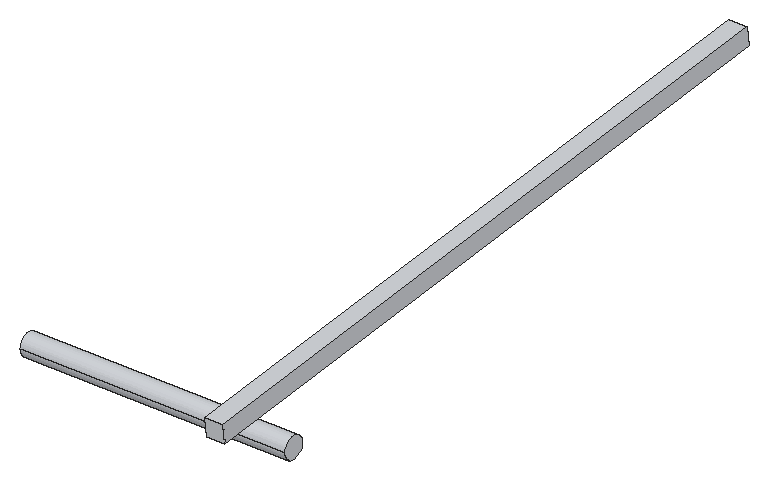
Revit family "Earth_Arm v1", category Generic Models, Revit 2015
Parameters
  EarthArmLenght [instance] = 1750 mm
  EarthArmElevation [instance] = if(EarthArmAngle > 89.70°, 89.70°, (if(EarthArmAngle < 0.60°, 0.60°, EarthArmAngle)))  # 6.00°
  EarthArmAngle [instance] = 6.00°
  EarthArmShaftDiameter [instance] = 60 mm
Reference planes
  plane 1 "Center (Front/Back)": y = 0
  plane 2: z = 0
  plane 3 "Center (Left/Right)": x = 0
  plane 4: z = -55
  plane 5: x = 135
  plane 6 "Pylon Center (Left/Right)": x = -300
  plane 7: x = -613
Forms (mm)
  Sweep 1, solid
    path origin (0, 0, 0) x (0, 1, 0) y (0, 0, 1)
      loop
        line (-109.397, -11.498) -> (1740.413, 182.925)
    profile origin (0, 815.508, 85.713) x (0, -0.104528, 0.994522) y (1, 0, 0)
      loop
        line (25, 25) -> (-25, 25) -> (-25, -25) -> (25, -25) -> (25, 25)
  Extrusion 2, solid
    sketch origin (0, 0, 0) x (0, 1, 0) y (0, 0, 1)
      loop
        circle (0, -55) r 30
    from -613 to 135
Lines and regions (mm)
  reference lines
    curve 1: line (0, 0, 0) -> (0, 1740.413, 182.925)
    curve 2: line (0, 0, 0) -> (0, -31.359, 298.357)
    curve 3: line (0, -102.748, -74.767) -> (0, -31.682, -750.908)
    curve 4: line (0, 1740.413, 182.925) -> (0, 1710.1, 471.336)
Dimensions and locks
  locked: curve 2 to curve 3 at 110
  "EarthArmLenght": curve 4 to curve 2
  "EarthArmShaftDiameter": diameter of Extrusion 2 sketch curve
  locked: curve 4 to curve 1 (angle 90.00°)
  locked: curve 1 to curve 2 (angle 90.00°)
  "EarthArmAngle": angle level to curve 1
  aligned and locked: level to plane 2
  aligned and locked: Sweep 1 sketch curve to curve 1
  aligned and locked: curve 3 to Sweep 1 sketch curve
  aligned and locked: Sweep 1 sketch curve to curve 4
  aligned and locked: plane 1 "Center (Front/Back)" to Extrusion 2 sketch curve
  aligned and locked: plane 4 to Extrusion 2 sketch curve
  aligned and locked: plane 5 to Extrusion 2
  aligned and locked: Extrusion 2 to plane 7
Automatic sketch dimensions
  Sweep 1 sketch curve to profile plane = 25 mm
  Sweep 1 sketch curve to plane 3 "Center (Left/Right)" = 25 mm
  plane 3 "Center (Left/Right)" to Sweep 1 sketch curve = 25 mm
  profile plane to Sweep 1 sketch curve = 25 mm
  curve 2 to level = 0 mm
  curve 2 to plane 1 "Center (Front/Back)" = 0 mm
  curve 3 to plane 4 = 19.767 mm
  plane 1 "Center (Front/Back)" to curve 3 = 31.682 mm
